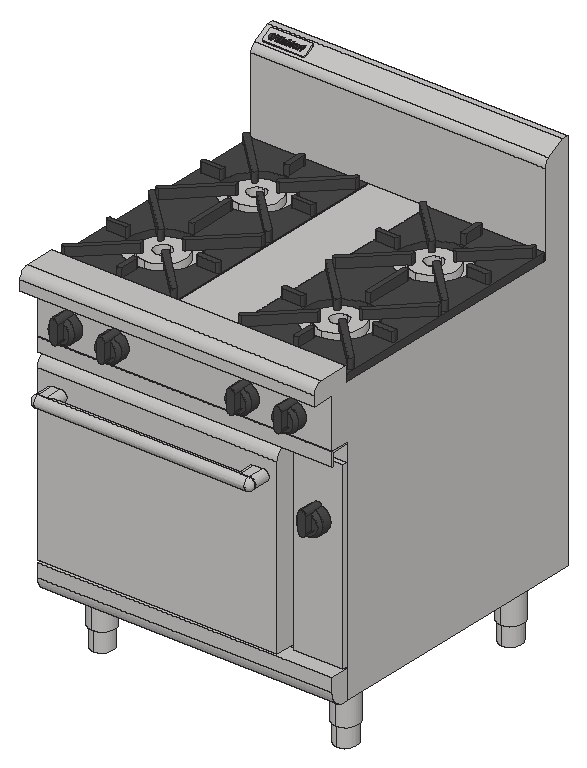
Revit family "QF_MOFFAT WALDORF_RN8510G", category Specialty Equipment, Revit 2012
Parameters
  Weight in Pounds = 401.2408
  URL Cutsheet = "www.moffat.com"
  URL = "www.moffat.com"
  Type Mark [instance] = ""
  Status [instance] = ""
  Specification by User [instance] = ""
  Specification by Manufacturer = ""
  Show Logo [instance] = yes
  Show Clearance [instance] = yes
  Show Casters [instance] = no
  Serial Number = ""
  Seismic Rating = ""
  SMACNA No = ""
  Revision Code [instance] = ""
  Omniclass Number and Title = ""
  NAFEM Spec ID Number = ""
  Model = "RN8510G"
  Mechanical Remarks [instance] = ""
  Mechanical Connection Type [instance] = ""
  Masterspec = ""
  Manufacturer = "MOFFAT WALDORF"
  Legs [instance] = not(Show Casters)  # yes
  Item Number [instance] = ""
  Installed By [instance] = ""
  Identify Quantity as Lot [instance] = yes
  Gas Size = 3/4"
  Gas RI Height [instance] = 0 mm
  Gas KW [instance] = 39.4
  Gas Input [instance] = 134590.0 Btu/h
  Gas Connection Height = 0 mm
  Furnished By [instance] = ""
  Foodservice Equipment Identifier [instance] = yes
  Description = "RANGE GAS WITH STATIC OVEN"
  CSI MasterFormat = ""
  CSI Master Format = ""
Reference planes
  plane 1 "BACK": y = 0
  plane 2: z = 0
  plane 3 "LEFT": x = 0
  plane 4 "RIGHT": x = 750
  plane 5 "FRONT": y = -805
  plane 6 "TOP": z = 1130
  plane 7 "Center Y": x = 375
  plane 8 "Center X": y = -402.5
  plane 9: y = -100
  plane 10 "Base Height": z = 150
  plane 11: x = 65.8
  plane 12: x = 620
  plane 13: x = 685
  plane 14: x = 684.2
  plane 15: y = -500
  plane 16: x = 676
Forms (mm)
  Extrusion 1, solid, material "QF_Finishes_Stainless Steel"
    sketch origin (0, 0, 0) x (0, 1, 0) y (0, 0, 1)
      loop
        line (-805, 891) -> (-805, 866) -> (-749, 866) -> (-749, 740) -> (-699, 740) -> (-699, 150) -> (0, 150) -> (0, 1130) -> (-16.5, 1130) -> (-58.709, 1105.631)
        arc (-58.709, 1105.631) -> (-66.975, 1097.365) -> (-70, 1086.074) r 22.582
        line (-70, 1086.074) -> (-70, 875) -> (-705, 875) -> (-705, 915) -> (-781, 915)
        arc (-781, 915) -> (-797.971, 907.971) -> (-805, 891) r 24
      loop
        line (-701, 222.5) -> (-749, 222.5) -> (-749, 188)
        arc (-749, 188) -> (-737.87, 161.13) -> (-711, 150) r 38
        line (-711, 150) -> (-701, 150) -> (-701, 222.5)
      loop
        line (-701, 227.5) -> (-701, 692.5) -> (-722.805, 692.5)
        arc (-722.805, 692.5) -> (-741.328, 684.828) -> (-749, 666.305) r 26.195
        line (-749, 666.305) -> (-749, 227.5) -> (-701, 227.5)
      loop
        line (-749, 738) -> (-749, 703) -> (-745.98, 703) -> (-745.98, 735) -> (-701, 735) -> (-701, 738) -> (-749, 738)
    from 0 to 750
  Extrusion 2, solid, material "QF_Finishes_Stainless Steel"
    sketch origin (555.062, 3, 100) x (1, 0, 0) y (0, 1, 0)
      loop
        circle (65, -35) r 13.5
    from 555 to 640
  Revolve 3, solid, material "QF_Finishes_Stainless Steel", visible <- "Legs"
    sketch origin (65, -165, 0) x (0, 1, 0) y (0, 0, 1)
      loop
        line (33.25, 150) -> (33.25, 50) -> (37.5, 50) -> (37.5, 0) -> (65, 0) -> (65, 150) -> (33.25, 150)
      axis (65, 150) -> (65, 0)
    angle from 0 to 360
  Revolve 4, solid, material "QF_Finishes_Stainless Steel"
    sketch origin (65, -735, 0) x (0, 1, 0) y (0, 0, 1)
      loop
        line (78.25, 150) -> (78.25, 50) -> (82.5, 50) -> (82.5, 0) -> (110, 0) -> (110, 150) -> (78.25, 150)
      axis (110, 150) -> (110, 0)
    angle from 0 to 360
  Extrusion 5, solid, material "QF_Finishes_Black"
    sketch origin (0, -70, 875) x (0, -1, 0) y (1, 0, 0)
      loop
        arc (1, 4) -> (1.879, 1.879) -> (4, 1) r 3
        line (4, 1) -> (631, 1)
        arc (631, 1) -> (633.121, 1.879) -> (634, 4) r 3
        line (634, 4) -> (634, 297)
        arc (634, 297) -> (633.121, 299.121) -> (631, 300) r 3
        line (631, 300) -> (4, 300)
        arc (4, 300) -> (1.879, 299.121) -> (1, 297) r 3
        line (1, 297) -> (1, 4)
      loop
        circle (167.5, 150) r 85
      loop
        circle (467.768, 150) r 85
    from 0 to 19.5
  Extrusion 6, solid, material "QF_Finishes_Black"
    sketch origin (0, -70, 894.5) x (0, -1, 0) y (1, 0, 0)
      loop
        spline (323.602, 15.153) -> (322.681, 13.924) -> (322.131, 12.47) -> (321.99, 10.89) -> (322.267, 9.292) -> (322.943, 7.786) -> (323.973, 6.473) -> (325.286, 5.443) -> (326.792, 4.767) -> (328.39, 4.49) -> (329.97, 4.631) -> (331.424, 5.181) -> (332.653, 6.102)
        line (332.653, 6.102) -> (440.576, 114.025)
        spline (440.576, 114.025) -> (441.337, 115.095) -> (441.738, 116.399) -> (441.751, 117.851) -> (441.375, 119.35) -> (440.637, 120.795) -> (439.586, 122.086) -> (438.295, 123.137) -> (436.85, 123.875) -> (435.351, 124.251) -> (433.899, 124.238) -> (432.595, 123.837) -> (431.525, 123.076)
        line (431.525, 123.076) -> (323.602, 15.153)
      loop
        line (611.398, 15.153) -> (503.475, 123.076)
        spline (503.475, 123.076) -> (502.405, 123.837) -> (501.101, 124.238) -> (499.649, 124.251) -> (498.15, 123.875) -> (496.705, 123.137) -> (495.414, 122.086) -> (494.363, 120.795) -> (493.625, 119.35) -> (493.249, 117.851) -> (493.262, 116.399) -> (493.663, 115.095) -> (494.424, 114.025)
        line (494.424, 114.025) -> (602.347, 6.102)
        spline (602.347, 6.102) -> (603.416, 5.341) -> (604.721, 4.941) -> (606.172, 4.928) -> (607.671, 5.303) -> (609.116, 6.041) -> (610.408, 7.092) -> (611.459, 8.384) -> (612.197, 9.829) -> (612.572, 11.328) -> (612.559, 12.779) -> (612.159, 14.084) -> (611.398, 15.153)
      loop
        spline (375.602, 143.6) -> (376.896, 143.818) -> (378.102, 144.457) -> (379.138, 145.475) -> (379.932, 146.8) -> (380.432, 148.344) -> (380.602, 150) -> (380.432, 151.656) -> (379.932, 153.2) -> (379.138, 154.525) -> (378.102, 155.543) -> (376.896, 156.182) -> (375.602, 156.4)
        line (375.602, 156.4) -> (259.398, 156.4)
        spline (259.398, 156.4) -> (258.104, 156.182) -> (256.898, 155.543) -> (255.862, 154.525) -> (255.068, 153.2) -> (254.568, 151.656) -> (254.398, 150) -> (254.568, 148.344) -> (255.068, 146.8) -> (255.862, 145.475) -> (256.898, 144.457) -> (258.104, 143.818) -> (259.398, 143.6)
        line (259.398, 143.6) -> (375.602, 143.6)
      loop
        spline (23.602, 15.153) -> (22.681, 13.924) -> (22.131, 12.47) -> (21.99, 10.89) -> (22.267, 9.292) -> (22.943, 7.786) -> (23.973, 6.473) -> (25.286, 5.443) -> (26.792, 4.767) -> (28.39, 4.49) -> (29.97, 4.631) -> (31.424, 5.181) -> (32.653, 6.102)
        line (32.653, 6.102) -> (140.576, 114.025)
        spline (140.576, 114.025) -> (141.337, 115.095) -> (141.738, 116.399) -> (141.751, 117.851) -> (141.375, 119.35) -> (140.637, 120.795) -> (139.586, 122.086) -> (138.295, 123.137) -> (136.85, 123.875) -> (135.351, 124.251) -> (133.899, 124.238) -> (132.595, 123.837) -> (131.525, 123.076)
        line (131.525, 123.076) -> (23.602, 15.153)
      loop
        line (311.398, 15.153) -> (203.475, 123.076)
        spline (203.475, 123.076) -> (202.405, 123.837) -> (201.101, 124.238) -> (199.649, 124.251) -> (198.15, 123.875) -> (196.705, 123.137) -> (195.414, 122.086) -> (194.363, 120.795) -> (193.625, 119.35) -> (193.249, 117.851) -> (193.262, 116.399) -> (193.663, 115.095) -> (194.424, 114.025)
        line (194.424, 114.025) -> (302.347, 6.102)
        spline (302.347, 6.102) -> (303.416, 5.341) -> (304.721, 4.941) -> (306.172, 4.928) -> (307.671, 5.303) -> (309.116, 6.041) -> (310.408, 7.092) -> (311.459, 8.384) -> (312.197, 9.829) -> (312.572, 11.328) -> (312.559, 12.779) -> (312.159, 14.084) -> (311.398, 15.153)
      loop
        line (323.602, 284.847) -> (431.525, 176.924)
        spline (431.525, 176.924) -> (432.595, 176.163) -> (433.899, 175.762) -> (435.351, 175.749) -> (436.85, 176.125) -> (438.295, 176.863) -> (439.586, 177.914) -> (440.637, 179.205) -> (441.375, 180.65) -> (441.751, 182.149) -> (441.738, 183.601) -> (441.337, 184.905) -> (440.576, 185.975)
        line (440.576, 185.975) -> (332.653, 293.898)
        spline (332.653, 293.898) -> (331.424, 294.819) -> (329.97, 295.369) -> (328.39, 295.51) -> (326.792, 295.233) -> (325.286, 294.557) -> (323.973, 293.527) -> (322.943, 292.214) -> (322.267, 290.708) -> (321.99, 289.11) -> (322.131, 287.53) -> (322.681, 286.076) -> (323.602, 284.847)
      loop
        spline (611.398, 284.847) -> (612.159, 285.916) -> (612.559, 287.221) -> (612.572, 288.672) -> (612.197, 290.171) -> (611.459, 291.616) -> (610.408, 292.908) -> (609.116, 293.959) -> (607.671, 294.697) -> (606.172, 295.072) -> (604.721, 295.059) -> (603.416, 294.659) -> (602.347, 293.898)
        line (602.347, 293.898) -> (494.424, 185.975)
        spline (494.424, 185.975) -> (493.663, 184.905) -> (493.262, 183.601) -> (493.249, 182.149) -> (493.625, 180.65) -> (494.363, 179.205) -> (495.414, 177.914) -> (496.705, 176.863) -> (498.15, 176.125) -> (499.649, 175.749) -> (501.101, 175.762) -> (502.405, 176.163) -> (503.475, 176.924)
        line (503.475, 176.924) -> (611.398, 284.847)
      loop
        line (23.602, 284.847) -> (131.525, 176.924)
        spline (131.525, 176.924) -> (132.595, 176.163) -> (133.899, 175.762) -> (135.351, 175.749) -> (136.85, 176.125) -> (138.295, 176.863) -> (139.586, 177.914) -> (140.637, 179.205) -> (141.375, 180.65) -> (141.751, 182.149) -> (141.738, 183.601) -> (141.337, 184.905) -> (140.576, 185.975)
        line (140.576, 185.975) -> (32.653, 293.898)
        spline (32.653, 293.898) -> (31.424, 294.819) -> (29.97, 295.369) -> (28.39, 295.51) -> (26.792, 295.233) -> (25.286, 294.557) -> (23.973, 293.527) -> (22.943, 292.214) -> (22.267, 290.708) -> (21.99, 289.11) -> (22.131, 287.53) -> (22.681, 286.076) -> (23.602, 284.847)
      loop
        spline (311.398, 284.847) -> (312.159, 285.916) -> (312.559, 287.221) -> (312.572, 288.672) -> (312.197, 290.171) -> (311.459, 291.616) -> (310.408, 292.908) -> (309.116, 293.959) -> (307.671, 294.697) -> (306.172, 295.072) -> (304.721, 295.059) -> (303.416, 294.659) -> (302.347, 293.898)
        line (302.347, 293.898) -> (194.424, 185.975)
        spline (194.424, 185.975) -> (193.663, 184.905) -> (193.262, 183.601) -> (193.249, 182.149) -> (193.625, 180.65) -> (194.363, 179.205) -> (195.414, 177.914) -> (196.705, 176.863) -> (198.15, 176.125) -> (199.649, 175.749) -> (201.101, 175.762) -> (202.405, 176.163) -> (203.475, 176.924)
        line (203.475, 176.924) -> (311.398, 284.847)
      loop
        spline (72.164, 143.6) -> (73.458, 143.818) -> (74.664, 144.457) -> (75.699, 145.475) -> (76.494, 146.8) -> (76.993, 148.344) -> (77.164, 150) -> (76.993, 151.656) -> (76.494, 153.2) -> (75.699, 154.525) -> (74.664, 155.543) -> (73.458, 156.182) -> (72.164, 156.4)
        line (72.164, 156.4) -> (25.96, 156.4)
        spline (25.96, 156.4) -> (24.666, 156.182) -> (23.46, 155.543) -> (22.424, 154.525) -> (21.63, 153.2) -> (21.13, 151.656) -> (20.96, 150) -> (21.13, 148.344) -> (21.63, 146.8) -> (22.424, 145.475) -> (23.46, 144.457) -> (24.666, 143.818) -> (25.96, 143.6)
        line (25.96, 143.6) -> (72.164, 143.6)
      loop
        spline (605.715, 143.6) -> (607.009, 143.818) -> (608.215, 144.457) -> (609.25, 145.475) -> (610.045, 146.8) -> (610.544, 148.344) -> (610.715, 150) -> (610.544, 151.656) -> (610.045, 153.2) -> (609.25, 154.525) -> (608.215, 155.543) -> (607.009, 156.182) -> (605.715, 156.4)
        line (605.715, 156.4) -> (559.51, 156.4)
        spline (559.51, 156.4) -> (558.216, 156.182) -> (557.01, 155.543) -> (555.975, 154.525) -> (555.18, 153.2) -> (554.681, 151.656) -> (554.51, 150) -> (554.681, 148.344) -> (555.18, 146.8) -> (555.975, 145.475) -> (557.01, 144.457) -> (558.216, 143.818) -> (559.51, 143.6)
        line (559.51, 143.6) -> (605.715, 143.6)
      loop
        spline (173.766, 59.26) -> (173.548, 60.554) -> (172.909, 61.76) -> (171.892, 62.796) -> (170.566, 63.59) -> (169.022, 64.09) -> (167.366, 64.26) -> (165.71, 64.09) -> (164.166, 63.59) -> (162.841, 62.796) -> (161.823, 61.76) -> (161.184, 60.554) -> (160.966, 59.26)
        line (160.966, 59.26) -> (160.966, 13.056)
        spline (160.966, 13.056) -> (161.184, 11.762) -> (161.823, 10.556) -> (162.841, 9.52) -> (164.166, 8.726) -> (165.71, 8.226) -> (167.366, 8.056) -> (169.022, 8.226) -> (170.566, 8.726) -> (171.892, 9.52) -> (172.909, 10.556) -> (173.548, 11.762) -> (173.766, 13.056)
        line (173.766, 13.056) -> (173.766, 59.26)
      loop
        spline (474.034, 59.26) -> (473.816, 60.554) -> (473.177, 61.76) -> (472.159, 62.796) -> (470.834, 63.59) -> (469.29, 64.09) -> (467.634, 64.26) -> (465.978, 64.09) -> (464.434, 63.59) -> (463.108, 62.796) -> (462.091, 61.76) -> (461.452, 60.554) -> (461.234, 59.26)
        line (461.234, 59.26) -> (461.234, 13.056)
        spline (461.234, 13.056) -> (461.452, 11.762) -> (462.091, 10.556) -> (463.108, 9.52) -> (464.434, 8.726) -> (465.978, 8.226) -> (467.634, 8.056) -> (469.29, 8.226) -> (470.834, 8.726) -> (472.159, 9.52) -> (473.177, 10.556) -> (473.816, 11.762) -> (474.034, 13.056)
        line (474.034, 13.056) -> (474.034, 59.26)
      loop
        spline (173.766, 290.74) -> (173.548, 292.034) -> (172.909, 293.24) -> (171.892, 294.276) -> (170.566, 295.07) -> (169.022, 295.57) -> (167.366, 295.74) -> (165.71, 295.57) -> (164.166, 295.07) -> (162.841, 294.276) -> (161.823, 293.24) -> (161.184, 292.034) -> (160.966, 290.74)
        line (160.966, 290.74) -> (160.966, 244.536)
        spline (160.966, 244.536) -> (161.184, 243.242) -> (161.823, 242.036) -> (162.841, 241) -> (164.166, 240.206) -> (165.71, 239.706) -> (167.366, 239.536) -> (169.022, 239.706) -> (170.566, 240.206) -> (171.892, 241) -> (172.909, 242.036) -> (173.548, 243.242) -> (173.766, 244.536)
        line (173.766, 244.536) -> (173.766, 290.74)
      loop
        spline (474.034, 290.74) -> (473.816, 292.034) -> (473.177, 293.24) -> (472.159, 294.276) -> (470.834, 295.07) -> (469.29, 295.57) -> (467.634, 295.74) -> (465.978, 295.57) -> (464.434, 295.07) -> (463.108, 294.276) -> (462.091, 293.24) -> (461.452, 292.034) -> (461.234, 290.74)
        line (461.234, 290.74) -> (461.234, 244.536)
        spline (461.234, 244.536) -> (461.452, 243.242) -> (462.091, 242.036) -> (463.108, 241) -> (464.434, 240.206) -> (465.978, 239.706) -> (467.634, 239.536) -> (469.29, 239.706) -> (470.834, 240.206) -> (472.159, 241) -> (473.177, 242.036) -> (473.816, 243.242) -> (474.034, 244.536)
        line (474.034, 244.536) -> (474.034, 290.74)
      loop
        line (323.602, 734.847) -> (431.525, 626.924)
        spline (431.525, 626.924) -> (432.595, 626.163) -> (433.899, 625.762) -> (435.351, 625.749) -> (436.85, 626.125) -> (438.295, 626.863) -> (439.586, 627.914) -> (440.637, 629.205) -> (441.375, 630.65) -> (441.751, 632.149) -> (441.738, 633.601) -> (441.337, 634.905) -> (440.576, 635.975)
        line (440.576, 635.975) -> (332.653, 743.898)
        spline (332.653, 743.898) -> (331.424, 744.819) -> (329.97, 745.369) -> (328.39, 745.51) -> (326.792, 745.233) -> (325.286, 744.557) -> (323.973, 743.527) -> (322.943, 742.214) -> (322.267, 740.708) -> (321.99, 739.11) -> (322.131, 737.53) -> (322.681, 736.076) -> (323.602, 734.847)
      loop
        spline (611.398, 734.847) -> (612.159, 735.916) -> (612.559, 737.221) -> (612.572, 738.672) -> (612.197, 740.171) -> (611.459, 741.616) -> (610.408, 742.908) -> (609.116, 743.959) -> (607.671, 744.697) -> (606.172, 745.072) -> (604.721, 745.059) -> (603.416, 744.659) -> (602.347, 743.898)
        line (602.347, 743.898) -> (494.424, 635.975)
        spline (494.424, 635.975) -> (493.663, 634.905) -> (493.262, 633.601) -> (493.249, 632.149) -> (493.625, 630.65) -> (494.363, 629.205) -> (495.414, 627.914) -> (496.705, 626.863) -> (498.15, 626.125) -> (499.649, 625.749) -> (501.101, 625.762) -> (502.405, 626.163) -> (503.475, 626.924)
        line (503.475, 626.924) -> (611.398, 734.847)
      loop
        line (375.602, 606.4) -> (259.398, 606.4)
        spline (259.398, 606.4) -> (258.104, 606.182) -> (256.898, 605.543) -> (255.862, 604.525) -> (255.068, 603.2) -> (254.568, 601.656) -> (254.398, 600) -> (254.568, 598.344) -> (255.068, 596.8) -> (255.862, 595.475) -> (256.898, 594.457) -> (258.104, 593.818) -> (259.398, 593.6)
        line (259.398, 593.6) -> (375.602, 593.6)
        spline (375.602, 593.6) -> (376.896, 593.818) -> (378.102, 594.457) -> (379.138, 595.475) -> (379.932, 596.8) -> (380.432, 598.344) -> (380.602, 600) -> (380.432, 601.656) -> (379.932, 603.2) -> (379.138, 604.525) -> (378.102, 605.543) -> (376.896, 606.182) -> (375.602, 606.4)
      loop
        line (23.602, 734.847) -> (131.525, 626.924)
        spline (131.525, 626.924) -> (132.595, 626.163) -> (133.899, 625.762) -> (135.351, 625.749) -> (136.85, 626.125) -> (138.295, 626.863) -> (139.586, 627.914) -> (140.637, 629.205) -> (141.375, 630.65) -> (141.751, 632.149) -> (141.738, 633.601) -> (141.337, 634.905) -> (140.576, 635.975)
        line (140.576, 635.975) -> (32.653, 743.898)
        spline (32.653, 743.898) -> (31.424, 744.819) -> (29.97, 745.369) -> (28.39, 745.51) -> (26.792, 745.233) -> (25.286, 744.557) -> (23.973, 743.527) -> (22.943, 742.214) -> (22.267, 740.708) -> (21.99, 739.11) -> (22.131, 737.53) -> (22.681, 736.076) -> (23.602, 734.847)
      loop
        spline (311.398, 734.847) -> (312.159, 735.916) -> (312.559, 737.221) -> (312.572, 738.672) -> (312.197, 740.171) -> (311.459, 741.616) -> (310.408, 742.908) -> (309.116, 743.959) -> (307.671, 744.697) -> (306.172, 745.072) -> (304.721, 745.059) -> (303.416, 744.659) -> (302.347, 743.898)
        line (302.347, 743.898) -> (194.424, 635.975)
        spline (194.424, 635.975) -> (193.663, 634.905) -> (193.262, 633.601) -> (193.249, 632.149) -> (193.625, 630.65) -> (194.363, 629.205) -> (195.414, 627.914) -> (196.705, 626.863) -> (198.15, 626.125) -> (199.649, 625.749) -> (201.101, 625.762) -> (202.405, 626.163) -> (203.475, 626.924)
        line (203.475, 626.924) -> (311.398, 734.847)
      loop
        spline (323.602, 465.153) -> (322.681, 463.924) -> (322.131, 462.47) -> (321.99, 460.89) -> (322.267, 459.292) -> (322.943, 457.786) -> (323.973, 456.473) -> (325.286, 455.443) -> (326.792, 454.767) -> (328.39, 454.49) -> (329.97, 454.631) -> (331.424, 455.181) -> (332.653, 456.102)
        line (332.653, 456.102) -> (440.576, 564.025)
        spline (440.576, 564.025) -> (441.337, 565.095) -> (441.738, 566.399) -> (441.751, 567.851) -> (441.375, 569.35) -> (440.637, 570.795) -> (439.586, 572.086) -> (438.295, 573.137) -> (436.85, 573.875) -> (435.351, 574.251) -> (433.899, 574.238) -> (432.595, 573.837) -> (431.525, 573.076)
        line (431.525, 573.076) -> (323.602, 465.153)
      loop
        line (611.398, 465.153) -> (503.475, 573.076)
        spline (503.475, 573.076) -> (502.405, 573.837) -> (501.101, 574.238) -> (499.649, 574.251) -> (498.15, 573.875) -> (496.705, 573.137) -> (495.414, 572.086) -> (494.363, 570.795) -> (493.625, 569.35) -> (493.249, 567.851) -> (493.262, 566.399) -> (493.663, 565.095) -> (494.424, 564.025)
        line (494.424, 564.025) -> (602.347, 456.102)
        spline (602.347, 456.102) -> (603.416, 455.341) -> (604.721, 454.941) -> (606.172, 454.928) -> (607.671, 455.303) -> (609.116, 456.041) -> (610.408, 457.092) -> (611.459, 458.384) -> (612.197, 459.829) -> (612.572, 461.328) -> (612.559, 462.779) -> (612.159, 464.084) -> (611.398, 465.153)
      loop
        spline (23.602, 465.153) -> (22.681, 463.924) -> (22.131, 462.47) -> (21.99, 460.89) -> (22.267, 459.292) -> (22.943, 457.786) -> (23.973, 456.473) -> (25.286, 455.443) -> (26.792, 454.767) -> (28.39, 454.49) -> (29.97, 454.631) -> (31.424, 455.181) -> (32.653, 456.102)
        line (32.653, 456.102) -> (140.576, 564.025)
        spline (140.576, 564.025) -> (141.337, 565.095) -> (141.738, 566.399) -> (141.751, 567.851) -> (141.375, 569.35) -> (140.637, 570.795) -> (139.586, 572.086) -> (138.295, 573.137) -> (136.85, 573.875) -> (135.351, 574.251) -> (133.899, 574.238) -> (132.595, 573.837) -> (131.525, 573.076)
        line (131.525, 573.076) -> (23.602, 465.153)
      loop
        line (311.398, 465.153) -> (203.475, 573.076)
        spline (203.475, 573.076) -> (202.405, 573.837) -> (201.101, 574.238) -> (199.649, 574.251) -> (198.15, 573.875) -> (196.705, 573.137) -> (195.414, 572.086) -> (194.363, 570.795) -> (193.625, 569.35) -> (193.249, 567.851) -> (193.262, 566.399) -> (193.663, 565.095) -> (194.424, 564.025)
        line (194.424, 564.025) -> (302.347, 456.102)
        spline (302.347, 456.102) -> (303.416, 455.341) -> (304.721, 454.941) -> (306.172, 454.928) -> (307.671, 455.303) -> (309.116, 456.041) -> (310.408, 457.092) -> (311.459, 458.384) -> (312.197, 459.829) -> (312.572, 461.328) -> (312.559, 462.779) -> (312.159, 464.084) -> (311.398, 465.153)
      loop
        line (72.164, 606.4) -> (25.96, 606.4)
        spline (25.96, 606.4) -> (24.666, 606.182) -> (23.46, 605.543) -> (22.424, 604.525) -> (21.63, 603.2) -> (21.13, 601.656) -> (20.96, 600) -> (21.13, 598.344) -> (21.63, 596.8) -> (22.424, 595.475) -> (23.46, 594.457) -> (24.666, 593.818) -> (25.96, 593.6)
        line (25.96, 593.6) -> (72.164, 593.6)
        spline (72.164, 593.6) -> (73.458, 593.818) -> (74.664, 594.457) -> (75.699, 595.475) -> (76.494, 596.8) -> (76.993, 598.344) -> (77.164, 600) -> (76.993, 601.656) -> (76.494, 603.2) -> (75.699, 604.525) -> (74.664, 605.543) -> (73.458, 606.182) -> (72.164, 606.4)
      loop
        line (605.715, 606.4) -> (559.51, 606.4)
        spline (559.51, 606.4) -> (558.216, 606.182) -> (557.01, 605.543) -> (555.975, 604.525) -> (555.18, 603.2) -> (554.681, 601.656) -> (554.51, 600) -> (554.681, 598.344) -> (555.18, 596.8) -> (555.975, 595.475) -> (557.01, 594.457) -> (558.216, 593.818) -> (559.51, 593.6)
        line (559.51, 593.6) -> (605.715, 593.6)
        spline (605.715, 593.6) -> (607.009, 593.818) -> (608.215, 594.457) -> (609.25, 595.475) -> (610.045, 596.8) -> (610.544, 598.344) -> (610.715, 600) -> (610.544, 601.656) -> (610.045, 603.2) -> (609.25, 604.525) -> (608.215, 605.543) -> (607.009, 606.182) -> (605.715, 606.4)
      loop
        line (173.766, 690.74) -> (173.766, 736.944)
        spline (173.766, 736.944) -> (173.548, 738.238) -> (172.909, 739.444) -> (171.892, 740.48) -> (170.566, 741.274) -> (169.022, 741.774) -> (167.366, 741.944) -> (165.71, 741.774) -> (164.166, 741.274) -> (162.841, 740.48) -> (161.823, 739.444) -> (161.184, 738.238) -> (160.966, 736.944)
        line (160.966, 736.944) -> (160.966, 690.74)
        spline (160.966, 690.74) -> (161.184, 689.446) -> (161.823, 688.24) -> (162.841, 687.204) -> (164.166, 686.41) -> (165.71, 685.91) -> (167.366, 685.74) -> (169.022, 685.91) -> (170.566, 686.41) -> (171.892, 687.204) -> (172.909, 688.24) -> (173.548, 689.446) -> (173.766, 690.74)
      loop
        line (474.034, 690.74) -> (474.034, 736.944)
        spline (474.034, 736.944) -> (473.816, 738.238) -> (473.177, 739.444) -> (472.159, 740.48) -> (470.834, 741.274) -> (469.29, 741.774) -> (467.634, 741.944) -> (465.978, 741.774) -> (464.434, 741.274) -> (463.108, 740.48) -> (462.091, 739.444) -> (461.452, 738.238) -> (461.234, 736.944)
        line (461.234, 736.944) -> (461.234, 690.74)
        spline (461.234, 690.74) -> (461.452, 689.446) -> (462.091, 688.24) -> (463.108, 687.204) -> (464.434, 686.41) -> (465.978, 685.91) -> (467.634, 685.74) -> (469.29, 685.91) -> (470.834, 686.41) -> (472.159, 687.204) -> (473.177, 688.24) -> (473.816, 689.446) -> (474.034, 690.74)
      loop
        line (173.766, 459.26) -> (173.766, 505.464)
        spline (173.766, 505.464) -> (173.548, 506.758) -> (172.909, 507.964) -> (171.892, 509) -> (170.566, 509.794) -> (169.022, 510.294) -> (167.366, 510.464) -> (165.71, 510.294) -> (164.166, 509.794) -> (162.841, 509) -> (161.823, 507.964) -> (161.184, 506.758) -> (160.966, 505.464)
        line (160.966, 505.464) -> (160.966, 459.26)
        spline (160.966, 459.26) -> (161.184, 457.966) -> (161.823, 456.76) -> (162.841, 455.724) -> (164.166, 454.93) -> (165.71, 454.43) -> (167.366, 454.26) -> (169.022, 454.43) -> (170.566, 454.93) -> (171.892, 455.724) -> (172.909, 456.76) -> (173.548, 457.966) -> (173.766, 459.26)
      loop
        line (474.034, 459.26) -> (474.034, 505.464)
        spline (474.034, 505.464) -> (473.816, 506.758) -> (473.177, 507.964) -> (472.159, 509) -> (470.834, 509.794) -> (469.29, 510.294) -> (467.634, 510.464) -> (465.978, 510.294) -> (464.434, 509.794) -> (463.108, 509) -> (462.091, 507.964) -> (461.452, 506.758) -> (461.234, 505.464)
        line (461.234, 505.464) -> (461.234, 459.26)
        spline (461.234, 459.26) -> (461.452, 457.966) -> (462.091, 456.76) -> (463.108, 455.724) -> (464.434, 454.93) -> (465.978, 454.43) -> (467.634, 454.26) -> (469.29, 454.43) -> (470.834, 454.93) -> (472.159, 455.724) -> (473.177, 456.76) -> (473.816, 457.966) -> (474.034, 459.26)
    from 0 to 23.5
  Revolve 7, solid, material "QF_Finishes_Stainless Steel", visible <- "Legs"
    sketch origin (685, -165, 0) x (0, 1, 0) y (0, 0, -1)
      loop
        line (33.25, -150) -> (65, -150) -> (65, 0) -> (37.5, 0) -> (37.5, -50) -> (33.25, -50) -> (33.25, -150)
      axis (65, -150) -> (65, 0)
    angle from 0 to 360
  Revolve 8, solid, material "QF_Finishes_Stainless Steel"
    sketch origin (685, -735, 0) x (0, 1, 0) y (0, 0, -1)
      loop
        line (78.25, -150) -> (110, -150) -> (110, 0) -> (82.5, 0) -> (82.5, -50) -> (78.25, -50) -> (78.25, -150)
      axis (110, -150) -> (110, 0)
    angle from 0 to 360
  Extrusion 9, solid, material "QF_Finishes_Stainless Steel"
    sketch origin (0, -70, 875) x (0, -1, 0) y (1, 0, 0)
      loop
        line (634, 300) -> (634, 450) -> (0, 450) -> (0, 300) -> (634, 300)
    from 0 to 19.5
  Extrusion 10, void
    sketch origin (0, -749, 227.5) x (0, 0, -1) y (-1, 0, 0)
      loop
        line (-465, -610) -> (-465, -624) -> (0, -624) -> (0, -610) -> (-465, -610)
    from 0 to 50
  Extrusion 11, solid, material "QF_Finishes_Black"
    sketch origin (750, -70, 875) x (0, -1, 0) y (1, 0, 0)
      loop
        line (1, -4) -> (1, -297)
        arc (1, -297) -> (1.879, -299.121) -> (4, -300) r 3
        line (4, -300) -> (631, -300)
        arc (631, -300) -> (633.121, -299.121) -> (634, -297) r 3
        line (634, -297) -> (634, -4)
        arc (634, -4) -> (633.121, -1.879) -> (631, -1) r 3
        line (631, -1) -> (4, -1)
        arc (4, -1) -> (1.879, -1.879) -> (1, -4) r 3
      loop
        circle (167.5, -150) r 85
      loop
        circle (467.768, -150) r 85
    from 0 to 19.5
  Revolve 12, solid, material "QF_Finishes_Black"
    sketch origin (207.5, 0, 599.645) x (0, -1, 0) y (0, 0, 1)
      loop
        line (782, 229.605) -> (759, 229.605) -> (759, 202.105) -> (749, 202.105) -> (749, 197.105) -> (793, 197.105) -> (793, 223.757) -> (782, 229.605)
      axis (793, 197.105) -> (749, 197.105)
    angle from 0 to 360
  Revolve 13, solid, material "QF_Finishes_Black"
    sketch origin (88.749, 0, 599.518) x (0, 1, 0) y (0, 0, -1)
      loop
        line (-782, -229.5) -> (-759, -229.5) -> (-759, -202) -> (-749, -202) -> (-749, -197) -> (-793, -197) -> (-793, -223.651) -> (-782, -229.5)
      axis (-793, -197) -> (-749, -197)
    angle from 0 to 360
  Extrusion 14, solid, material "QF_Finishes_Black"
    sketch origin (227.019, 0, 599.676) x (-1, 0, 0) y (0, 0, -1)
      loop
        arc (148.269, -184.969) -> (138.269, -174.969) -> (128.269, -184.969) r 10
        line (128.269, -184.969) -> (128.269, -223.969)
        arc (128.269, -223.969) -> (138.269, -233.969) -> (148.269, -223.969) r 10
        line (148.269, -223.969) -> (148.269, -184.969)
    from 759 to 808
  Extrusion 15, solid, material "QF_Finishes_Black"
    sketch origin (346.95, 0, 599.676) x (-1, 0, 0) y (0, 0, -1)
      loop
        arc (148.269, -184.969) -> (138.269, -174.969) -> (128.269, -184.969) r 10
        line (128.269, -184.969) -> (128.269, -223.969)
        arc (128.269, -223.969) -> (138.269, -233.969) -> (148.269, -223.969) r 10
        line (148.269, -223.969) -> (148.269, -184.969)
    from 759 to 808
  Revolve 16, solid, material "QF_Finishes_Black"
    sketch origin (538.75, 0, 599.645) x (0, -1, 0) y (0, 0, -1)
      loop
        line (782, -229.605) -> (793, -223.757) -> (793, -197.105) -> (749, -197.105) -> (749, -202.105) -> (759, -202.105) -> (759, -229.605) -> (782, -229.605)
      axis (793, -197.105) -> (749, -197.105)
    angle from 0 to 360
  Revolve 17, solid, material "QF_Finishes_Black"
    sketch origin (658.751, 0, 599.518) x (0, 1, 0) y (0, 0, 1)
      loop
        line (-782, 229.5) -> (-793, 223.651) -> (-793, 197) -> (-749, 197) -> (-749, 202) -> (-759, 202) -> (-759, 229.5) -> (-782, 229.5)
      axis (-793, 197) -> (-749, 197)
    angle from 0 to 360
  Extrusion 18, solid, material "QF_Finishes_Black"
    sketch origin (520.481, 0, 599.676) x (1, 0, 0) y (0, 0, 1)
      loop
        line (148.269, 184.969) -> (148.269, 223.969)
        arc (148.269, 223.969) -> (138.269, 233.969) -> (128.269, 223.969) r 10
        line (128.269, 223.969) -> (128.269, 184.969)
        arc (128.269, 184.969) -> (138.269, 174.969) -> (148.269, 184.969) r 10
    from 759 to 808
  Extrusion 19, solid, material "QF_Finishes_Black"
    sketch origin (400.481, 0, 599.676) x (1, 0, 0) y (0, 0, 1)
      loop
        line (148.269, 184.969) -> (148.269, 223.969)
        arc (148.269, 223.969) -> (138.269, 233.969) -> (128.269, 223.969) r 10
        line (128.269, 223.969) -> (128.269, 184.969)
        arc (128.269, 184.969) -> (138.269, 174.969) -> (148.269, 184.969) r 10
    from 759 to 808
  Revolve 20, solid, material "QF_Finishes_Black"
    sketch origin (686.727, 42.5, 354.062) x (0, 1, 0) y (0, 0, 1)
      loop
        line (-782, 229.5) -> (-793, 223.651) -> (-793, 197) -> (-749, 197) -> (-749, 202) -> (-759, 202) -> (-759, 229.5) -> (-782, 229.5)
      axis (-793, 197) -> (-749, 197)
    angle from 0 to 360
  Extrusion 21, solid, material "QF_Finishes_Black"
    sketch origin (548.458, 42.5, 354.22) x (1, 0, 0) y (0, 0, 1)
      loop
        line (148.269, 184.969) -> (148.269, 223.969)
        arc (148.269, 223.969) -> (138.269, 233.969) -> (128.269, 223.969) r 10
        line (128.269, 223.969) -> (128.269, 184.969)
        arc (128.269, 184.969) -> (138.269, 174.969) -> (148.269, 184.969) r 10
    from 759 to 808
  Extrusion 22, solid, material "QF_Door-Drawer Clearances", visible <- "Show Clearance", detail levels coarse
    sketch origin (0, 0, 0) x (0, -1, 0) y (0, 0, 1)
      loop
        line (749, 690.016) -> (749, 227.5) -> (1211.516, 227.5)
        arc (1211.516, 227.5) -> (1076.048, 554.548) -> (749, 690.016) r 462.516
    from 0 to -610
  Extrusion 23, void
    sketch origin (0, 0, 150) x (-1, 0, 0) y (0, -1, 0)
      loop
        line (-681, 87.26) -> (-681, -30.24) -> (-551.5, -30.24) -> (-551.5, 38.76) -> (-600, 87.26) -> (-681, 87.26)
    from 72.5 to 590
  Extrusion 24, solid, material "QF_Finishes_Stainless Steel"
    sketch origin (0, -70, 875) x (0, -1, 0) y (1, 0, 0)
      loop
        circle (467.5, 600) r 57
      loop
        circle (167.5, 600) r 57
      loop
        circle (467.5, 600) r 22
      loop
        circle (167.5, 600) r 22
      loop
        circle (467.5, 149.911) r 57
      loop
        circle (168.75, 149.911) r 57
      loop
        circle (467.5, 149.911) r 22
      loop
        circle (168.75, 149.911) r 22
    from 0 to 19.5
  Extrusion 25, void
    sketch origin (85, -749, 227.5) x (0, 0, -1) y (-1, 0, 0)
      loop
        line (-465, -539) -> (-465, -665) -> (0, -665) -> (0, -539) -> (-465, -539)
    from 0 to 35
  Extrusion 26, solid, material "QF_Finishes_Stainless Steel"
    sketch origin (0, -749, 227.5) x (0, 0, 1) y (-1, 0, 0)
      loop
        line (380.625, -38.246) -> (380.625, -58.528)
        arc (380.625, -58.528) -> (395.625, -73.528) -> (410.625, -58.528) r 15
        line (410.625, -58.528) -> (410.625, -38.246)
        arc (410.625, -38.246) -> (395.625, -23.246) -> (380.625, -38.246) r 15
      loop
        arc (380.625, -573.039) -> (395.625, -588.039) -> (410.625, -573.039) r 15
        line (410.625, -573.039) -> (410.625, -552.757)
        arc (410.625, -552.757) -> (395.625, -537.757) -> (380.625, -552.757) r 15
        line (380.625, -552.757) -> (380.625, -573.039)
    from 0 to 44
  Revolve 27, solid, material "QF_Finishes_Stainless Steel"
    sketch origin (0, -793, 0) x (1, 0, 0) y (0, 0, 1)
      loop
        arc (588.039, 623.125) -> (583.646, 633.732) -> (573.039, 638.125) r 15
        line (573.039, 638.125) -> (38.246, 638.125)
        arc (38.246, 638.125) -> (27.64, 633.732) -> (23.246, 623.125) r 15
        line (23.246, 623.125) -> (588.039, 623.125)
      axis (588.039, 623.125) -> (23.246, 623.125)
    angle from 0 to 360
Cuts and joins
  Extrusion 10, Extrusion 23, Extrusion 25 cuts Extrusion 1
Lines and regions (mm)
  Split face 1
    outline origin (22.5, -19.748, 1128.125) x (0, -0.866025, -0.5) y (1, 0, 0)
      loop
        line (1.427, 105.5) -> (35.836, 105.5) -> (35.836, 125.5) -> (1.427, 125.5) -> (1.427, 105.5)
  Split face 2
    outline origin (49.289, -19.748, 1128.125) x (0, -0.866025, -0.5) y (1, 0, 0)
      loop
        line (1.427, 105.5) -> (35.836, 105.5) -> (35.836, 125.5) -> (1.427, 125.5) -> (1.427, 105.5)
  Split face 3
    outline origin (76.967, -19.748, 1128.125) x (0, -0.866025, -0.5) y (1, 0, 0)
      loop
        line (1.427, 105.5) -> (35.836, 105.5) -> (35.836, 125.5) -> (1.427, 125.5) -> (1.427, 105.5)
  Split face 4
    outline origin (103.591, -19.748, 1128.125) x (0, -0.866025, -0.5) y (1, 0, 0)
      loop
        line (1.427, 105.5) -> (35.836, 105.5) -> (35.836, 125.5) -> (1.427, 125.5) -> (1.427, 105.5)
  Split face 5
    outline origin (130.215, -19.748, 1128.125) x (0, -0.866025, -0.5) y (1, 0, 0)
      loop
        line (1.427, 105.5) -> (35.836, 105.5) -> (35.836, 125.5) -> (1.427, 125.5) -> (1.427, 105.5)
  Split face 6
    outline origin (157.366, -19.748, 1128.125) x (0, -0.866025, -0.5) y (1, 0, 0)
      loop
        line (1.427, 105.5) -> (35.836, 105.5) -> (35.836, 125.5) -> (1.427, 125.5) -> (1.427, 105.5)
  Split face 7
    outline origin (184.781, -19.748, 1128.125) x (0, -0.866025, -0.5) y (1, 0, 0)
      loop
        line (1.427, 105.5) -> (35.836, 105.5) -> (35.836, 125.5) -> (1.427, 125.5) -> (1.427, 105.5)
  Split face 8
    outline origin (212.196, -19.748, 1128.125) x (0, -0.866025, -0.5) y (1, 0, 0)
      loop
        line (1.427, 105.5) -> (35.836, 105.5) -> (35.836, 125.5) -> (1.427, 125.5) -> (1.427, 105.5)
  Split face 9
    outline origin (239.61, -19.748, 1128.125) x (0, -0.866025, -0.5) y (1, 0, 0)
      loop
        line (1.427, 105.5) -> (35.836, 105.5) -> (35.836, 125.5) -> (1.427, 125.5) -> (1.427, 105.5)
  Split face 10
    outline origin (267.025, -19.748, 1128.125) x (0, -0.866025, -0.5) y (1, 0, 0)
      loop
        line (1.427, 105.5) -> (35.836, 105.5) -> (35.836, 125.5) -> (1.427, 125.5) -> (1.427, 105.5)
  Split face 11
    outline origin (294.44, -19.748, 1128.125) x (0, -0.866025, -0.5) y (1, 0, 0)
      loop
        line (1.427, 105.5) -> (35.836, 105.5) -> (35.836, 125.5) -> (1.427, 125.5) -> (1.427, 105.5)
  Split face 12
    outline origin (321.855, -19.748, 1128.125) x (0, -0.866025, -0.5) y (1, 0, 0)
      loop
        line (1.427, 105.5) -> (35.836, 105.5) -> (35.836, 125.5) -> (1.427, 125.5) -> (1.427, 105.5)
  Split face 13
    outline origin (349.27, -19.748, 1128.125) x (0, -0.866025, -0.5) y (1, 0, 0)
      loop
        line (1.427, 105.5) -> (35.836, 105.5) -> (35.836, 125.5) -> (1.427, 125.5) -> (1.427, 105.5)
  Split face 14
    outline origin (376.684, -19.748, 1128.125) x (0, -0.866025, -0.5) y (1, 0, 0)
      loop
        line (1.427, 105.5) -> (35.836, 105.5) -> (35.836, 125.5) -> (1.427, 125.5) -> (1.427, 105.5)
  Split face 15
    outline origin (404.099, -19.748, 1128.125) x (0, -0.866025, -0.5) y (1, 0, 0)
      loop
        line (1.427, 105.5) -> (35.836, 105.5) -> (35.836, 125.5) -> (1.427, 125.5) -> (1.427, 105.5)
  Split face 16
    outline origin (431.514, -19.748, 1128.125) x (0, -0.866025, -0.5) y (1, 0, 0)
      loop
        line (1.427, 105.5) -> (35.836, 105.5) -> (35.836, 125.5) -> (1.427, 125.5) -> (1.427, 105.5)
  Split face 17
    outline origin (458.929, -19.748, 1128.125) x (0, -0.866025, -0.5) y (1, 0, 0)
      loop
        line (1.427, 105.5) -> (35.836, 105.5) -> (35.836, 125.5) -> (1.427, 125.5) -> (1.427, 105.5)
  Split face 18
    outline origin (486.343, -19.748, 1128.125) x (0, -0.866025, -0.5) y (1, 0, 0)
      loop
        line (1.427, 105.5) -> (35.836, 105.5) -> (35.836, 125.5) -> (1.427, 125.5) -> (1.427, 105.5)
  Split face 19
    outline origin (0, -70, 894.5) x (0, -1, 0) y (1, 0, 0)
      loop
        circle (45.037, 327.576) r 8
  Split face 20
    outline origin (47.424, -70, 894.5) x (0, -1, 0) y (1, 0, 0)
      loop
        circle (45.037, 327.576) r 8
  Split face 21
    outline origin (750, -70, 894.5) x (0, -1, 0) y (1, 0, 0)
      loop
        circle (45.037, -327.576) r 8
  Split face 22
    outline origin (0, -104, 894.5) x (0, -1, 0) y (1, 0, 0)
      loop
        circle (45.037, 327.576) r 8
  Split face 23
    outline origin (47.424, -104, 894.5) x (0, -1, 0) y (1, 0, 0)
      loop
        circle (45.037, 327.576) r 8
  Split face 24
    outline origin (750, -104, 894.5) x (0, -1, 0) y (1, 0, 0)
      loop
        circle (45.037, -327.576) r 8
  Split face 25
    outline origin (0, -138, 894.5) x (0, -1, 0) y (1, 0, 0)
      loop
        circle (45.037, 327.576) r 8
  Split face 26
    outline origin (47.424, -138, 894.5) x (0, -1, 0) y (1, 0, 0)
      loop
        circle (45.037, 327.576) r 8
  Split face 27
    outline origin (750, -138, 894.5) x (0, -1, 0) y (1, 0, 0)
      loop
        circle (45.037, -327.576) r 8
  Split face 28
    outline origin (0, -172, 894.5) x (0, -1, 0) y (1, 0, 0)
      loop
        circle (45.037, 327.576) r 8
  Split face 29
    outline origin (47.424, -172, 894.5) x (0, -1, 0) y (1, 0, 0)
      loop
        circle (45.037, 327.576) r 8
  Split face 30
    outline origin (750, -172, 894.5) x (0, -1, 0) y (1, 0, 0)
      loop
        circle (45.037, -327.576) r 8
  Split face 31
    outline origin (0, -206, 894.5) x (0, -1, 0) y (1, 0, 0)
      loop
        circle (45.037, 327.576) r 8
  Split face 32
    outline origin (47.424, -206, 894.5) x (0, -1, 0) y (1, 0, 0)
      loop
        circle (45.037, 327.576) r 8
  Split face 33
    outline origin (750, -206, 894.5) x (0, -1, 0) y (1, 0, 0)
      loop
        circle (45.037, -327.576) r 8
  Split face 34
    outline origin (0, -240, 894.5) x (0, -1, 0) y (1, 0, 0)
      loop
        circle (45.037, 327.576) r 8
  Split face 35
    outline origin (47.424, -240, 894.5) x (0, -1, 0) y (1, 0, 0)
      loop
        circle (45.037, 327.576) r 8
  Split face 36
    outline origin (750, -240, 894.5) x (0, -1, 0) y (1, 0, 0)
      loop
        circle (45.037, -327.576) r 8
  Split face 37
    outline origin (0, -274, 894.5) x (0, -1, 0) y (1, 0, 0)
      loop
        circle (45.037, 327.576) r 8
  Split face 38
    outline origin (47.424, -274, 894.5) x (0, -1, 0) y (1, 0, 0)
      loop
        circle (45.037, 327.576) r 8
  Split face 39
    outline origin (750, -274, 894.5) x (0, -1, 0) y (1, 0, 0)
      loop
        circle (45.037, -327.576) r 8
  Split face 40
    outline origin (0, -308, 894.5) x (0, -1, 0) y (1, 0, 0)
      loop
        circle (45.037, 327.576) r 8
  Split face 41
    outline origin (47.424, -308, 894.5) x (0, -1, 0) y (1, 0, 0)
      loop
        circle (45.037, 327.576) r 8
  Split face 42
    outline origin (750, -308, 894.5) x (0, -1, 0) y (1, 0, 0)
      loop
        circle (45.037, -327.576) r 8
  Split face 43
    outline origin (0, -342, 894.5) x (0, -1, 0) y (1, 0, 0)
      loop
        circle (45.037, 327.576) r 8
  Split face 44
    outline origin (47.424, -342, 894.5) x (0, -1, 0) y (1, 0, 0)
      loop
        circle (45.037, 327.576) r 8
  Split face 45
    outline origin (750, -342, 894.5) x (0, -1, 0) y (1, 0, 0)
      loop
        circle (45.037, -327.576) r 8
  Split face 46
    outline origin (0, -376, 894.5) x (0, -1, 0) y (1, 0, 0)
      loop
        circle (45.037, 327.576) r 8
  Split face 47
    outline origin (47.424, -376, 894.5) x (0, -1, 0) y (1, 0, 0)
      loop
        circle (45.037, 327.576) r 8
  Split face 48
    outline origin (750, -376, 894.5) x (0, -1, 0) y (1, 0, 0)
      loop
        circle (45.037, -327.576) r 8
  Split face 49
    outline origin (0, -410, 894.5) x (0, -1, 0) y (1, 0, 0)
      loop
        circle (45.037, 327.576) r 8
  Split face 50
    outline origin (47.424, -410, 894.5) x (0, -1, 0) y (1, 0, 0)
      loop
        circle (45.037, 327.576) r 8
  Split face 51
    outline origin (750, -410, 894.5) x (0, -1, 0) y (1, 0, 0)
      loop
        circle (45.037, -327.576) r 8
  Split face 52
    outline origin (0, -444, 894.5) x (0, -1, 0) y (1, 0, 0)
      loop
        circle (45.037, 327.576) r 8
  Split face 53
    outline origin (47.424, -444, 894.5) x (0, -1, 0) y (1, 0, 0)
      loop
        circle (45.037, 327.576) r 8
  Split face 54
    outline origin (750, -444, 894.5) x (0, -1, 0) y (1, 0, 0)
      loop
        circle (45.037, -327.576) r 8
  Split face 55
    outline origin (0, -478, 894.5) x (0, -1, 0) y (1, 0, 0)
      loop
        circle (45.037, 327.576) r 8
  Split face 56
    outline origin (47.424, -478, 894.5) x (0, -1, 0) y (1, 0, 0)
      loop
        circle (45.037, 327.576) r 8
  Split face 57
    outline origin (750, -478, 894.5) x (0, -1, 0) y (1, 0, 0)
      loop
        circle (45.037, -327.576) r 8
  Split face 58
    outline origin (0, -512, 894.5) x (0, -1, 0) y (1, 0, 0)
      loop
        circle (45.037, 327.576) r 8
  Split face 59
    outline origin (47.424, -512, 894.5) x (0, -1, 0) y (1, 0, 0)
      loop
        circle (45.037, 327.576) r 8
  Split face 60
    outline origin (750, -512, 894.5) x (0, -1, 0) y (1, 0, 0)
      loop
        circle (45.037, -327.576) r 8
  Split face 61
    outline origin (0, -546, 894.5) x (0, -1, 0) y (1, 0, 0)
      loop
        circle (45.037, 327.576) r 8
  Split face 62
    outline origin (47.424, -546, 894.5) x (0, -1, 0) y (1, 0, 0)
      loop
        circle (45.037, 327.576) r 8
  Split face 63
    outline origin (750, -546, 894.5) x (0, -1, 0) y (1, 0, 0)
      loop
        circle (45.037, -327.576) r 8
  Split face 64
    outline origin (0, -580, 894.5) x (0, -1, 0) y (1, 0, 0)
      loop
        circle (45.037, 327.576) r 8
  Split face 65
    outline origin (47.424, -580, 894.5) x (0, -1, 0) y (1, 0, 0)
      loop
        circle (45.037, 327.576) r 8
  Split face 66
    outline origin (750, -580, 894.5) x (0, -1, 0) y (1, 0, 0)
      loop
        circle (45.037, -327.576) r 8
  Split face 67
    outline origin (0, -614, 894.5) x (0, -1, 0) y (1, 0, 0)
      loop
        circle (45.037, 327.576) r 8
  Split face 68
    outline origin (47.424, -614, 894.5) x (0, -1, 0) y (1, 0, 0)
      loop
        circle (45.037, 327.576) r 8
  Split face 69
    outline origin (750, -614, 894.5) x (0, -1, 0) y (1, 0, 0)
      loop
        circle (45.037, -327.576) r 8
  symbolic lines
    curve 1: line (0, 0, 0) -> (0, -805, 0)
    curve 2: line (750, 0, 0) -> (0, 0, 0)
    curve 3: line (750, -805, 0) -> (750, 0, 0)
    curve 4: line (0, -805, 0) -> (750, -805, 0)
    curve 9: line (750, -705, 0) -> (0, -705, 0)
    curve 10: line (128, -50.782, 0) -> (128, -20.984, 0)
    curve 11: line (128, -20.984, 0) -> (148, -20.984, 0)
    curve 12: line (148, -20.984, 0) -> (148, -50.782, 0)
    curve 13: line (148, -50.782, 0) -> (128, -50.782, 0)
    curve 14: line (154.789, -50.782, 0) -> (154.789, -20.984, 0)
    curve 15: line (154.789, -20.984, 0) -> (174.789, -20.984, 0)
    curve 16: line (174.789, -20.984, 0) -> (174.789, -50.782, 0)
    curve 17: line (174.789, -50.782, 0) -> (154.789, -50.782, 0)
    curve 18: line (182.467, -20.984, 0) -> (202.467, -20.984, 0)
    curve 19: line (202.467, -20.984, 0) -> (202.467, -50.782, 0)
    curve 20: line (202.467, -50.782, 0) -> (182.467, -50.782, 0)
    curve 21: line (182.467, -50.782, 0) -> (182.467, -20.984, 0)
    curve 22: line (229.091, -20.984, 0) -> (209.091, -20.984, 0)
    curve 23: line (209.091, -20.984, 0) -> (209.091, -50.782, 0)
    curve 24: line (209.091, -50.782, 0) -> (229.091, -50.782, 0)
    curve 25: line (229.091, -50.782, 0) -> (229.091, -20.984, 0)
    curve 26: line (255.715, -20.984, 0) -> (235.715, -20.984, 0)
    curve 27: line (235.715, -20.984, 0) -> (235.715, -50.782, 0)
    curve 28: line (235.715, -50.782, 0) -> (255.715, -50.782, 0)
    curve 29: line (255.715, -50.782, 0) -> (255.715, -20.984, 0)
    curve 30: arc (150, -180.5, 0) -> (93, -237.5, 0) -> (150, -294.5, 0) r 57
    curve 31: arc (150, -294.5, 0) -> (207, -237.5, 0) -> (150, -180.5, 0) r 57
    curve 32: arc (150, -480.5, 0) -> (93, -537.5, 0) -> (150, -594.5, 0) r 57
    curve 33: arc (150, -594.5, 0) -> (207, -537.5, 0) -> (150, -480.5, 0) r 57
    curve 34: line (5.842, -93.966, 0) -> (121.036, -209.16, 0)
    curve 35: line (149.992, -91.33, 0) -> (149.992, -152.5, 0)
    curve 36: line (4.26, -237.366, 0) -> (64.26, -237.366, 0)
    curve 37: line (121.121, -265.113, 0) -> (6.585, -379.648, 0)
    curve 38: line (177.796, -265.64, 0) -> (287.397, -375.241, 0)
    curve 39: line (176.788, -209.684, 0) -> (286.472, -100, 0)
    curve 40: line (5.842, -681.034, 0) -> (121.036, -565.84, 0)
    curve 41: line (149.988, -683.67, 0) -> (149.988, -622.768, 0)
    curve 42: line (4.26, -537.634, 0) -> (64.26, -537.634, 0)
    curve 43: line (121.121, -509.887, 0) -> (6.585, -395.352, 0)
    curve 44: line (177.796, -509.36, 0) -> (284.656, -402.5, 0)
    curve 45: line (149.988, -452.768, 0) -> (149.988, -325.103, 0)
    curve 46: line (176.788, -565.316, 0) -> (286.389, -674.918, 0)
    curve 47: line (0, -70, 0) -> (750, -70, 0)
    curve 48: line (0, -387.5, 0) -> (300, -387.5, 0)
    curve 49: line (282.652, -20.984, 0) -> (262.652, -20.984, 0)
    curve 50: line (262.652, -20.984, 0) -> (262.652, -50.782, 0)
    curve 51: line (262.652, -50.782, 0) -> (282.652, -50.782, 0)
    curve 52: line (282.652, -50.782, 0) -> (282.652, -20.984, 0)
    curve 53: line (310.066, -20.984, 0) -> (290.066, -20.984, 0)
    curve 54: line (290.066, -20.984, 0) -> (290.066, -50.782, 0)
    curve 55: line (290.066, -50.782, 0) -> (310.066, -50.782, 0)
    curve 56: line (310.066, -50.782, 0) -> (310.066, -20.984, 0)
    curve 57: line (337.481, -20.984, 0) -> (317.481, -20.984, 0)
    curve 58: line (317.481, -20.984, 0) -> (317.481, -50.782, 0)
    curve 59: line (317.481, -50.782, 0) -> (337.481, -50.782, 0)
    curve 60: line (337.481, -50.782, 0) -> (337.481, -20.984, 0)
    curve 61: line (364.896, -20.984, 0) -> (344.896, -20.984, 0)
    curve 62: line (344.896, -20.984, 0) -> (344.896, -50.782, 0)
    curve 63: line (344.896, -50.782, 0) -> (364.896, -50.782, 0)
    curve 64: line (364.896, -50.782, 0) -> (364.896, -20.984, 0)
    curve 65: line (392.311, -20.984, 0) -> (372.311, -20.984, 0)
    curve 66: line (372.311, -20.984, 0) -> (372.311, -50.782, 0)
    curve 67: line (372.311, -50.782, 0) -> (392.311, -50.782, 0)
    curve 68: line (392.311, -50.782, 0) -> (392.311, -20.984, 0)
    curve 69: line (419.725, -20.984, 0) -> (399.725, -20.984, 0)
    curve 70: line (399.725, -20.984, 0) -> (399.725, -50.782, 0)
    curve 71: line (399.725, -50.782, 0) -> (419.725, -50.782, 0)
    curve 72: line (419.725, -50.782, 0) -> (419.725, -20.984, 0)
    curve 73: line (447.14, -20.984, 0) -> (427.14, -20.984, 0)
    curve 74: line (427.14, -20.984, 0) -> (427.14, -50.782, 0)
    curve 75: line (427.14, -50.782, 0) -> (447.14, -50.782, 0)
    curve 76: line (447.14, -50.782, 0) -> (447.14, -20.984, 0)
    curve 77: arc (327.576, -123.037, 0) -> (335.576, -115.037, 0) -> (327.576, -107.037, 0) r 8
    curve 78: arc (327.576, -107.037, 0) -> (319.576, -115.037, 0) -> (327.576, -123.037, 0) r 8
    curve 79: arc (375, -123.037, 0) -> (383, -115.037, 0) -> (375, -107.037, 0) r 8
    curve 80: arc (375, -107.037, 0) -> (367, -115.037, 0) -> (375, -123.037, 0) r 8
    curve 81: arc (422.424, -123.037, 0) -> (430.424, -115.037, 0) -> (422.424, -107.037, 0) r 8
    curve 82: arc (422.424, -107.037, 0) -> (414.424, -115.037, 0) -> (422.424, -123.037, 0) r 8
    curve 83: arc (327.576, -157.037, 0) -> (335.576, -149.037, 0) -> (327.576, -141.037, 0) r 8
    curve 84: arc (327.576, -141.037, 0) -> (319.576, -149.037, 0) -> (327.576, -157.037, 0) r 8
    curve 85: arc (375, -157.037, 0) -> (383, -149.037, 0) -> (375, -141.037, 0) r 8
    curve 86: arc (375, -141.037, 0) -> (367, -149.037, 0) -> (375, -157.037, 0) r 8
    curve 87: arc (422.424, -157.037, 0) -> (430.424, -149.037, 0) -> (422.424, -141.037, 0) r 8
    curve 88: arc (422.424, -141.037, 0) -> (414.424, -149.037, 0) -> (422.424, -157.037, 0) r 8
    curve 89: arc (327.576, -191.037, 0) -> (335.576, -183.037, 0) -> (327.576, -175.037, 0) r 8
    curve 90: arc (327.576, -175.037, 0) -> (319.576, -183.037, 0) -> (327.576, -191.037, 0) r 8
    curve 91: arc (375, -191.037, 0) -> (383, -183.037, 0) -> (375, -175.037, 0) r 8
    curve 92: arc (375, -175.037, 0) -> (367, -183.037, 0) -> (375, -191.037, 0) r 8
    curve 93: arc (422.424, -191.037, 0) -> (430.424, -183.037, 0) -> (422.424, -175.037, 0) r 8
    curve 94: arc (422.424, -175.037, 0) -> (414.424, -183.037, 0) -> (422.424, -191.037, 0) r 8
    curve 95: arc (327.576, -225.037, 0) -> (335.576, -217.037, 0) -> (327.576, -209.037, 0) r 8
    curve 96: arc (327.576, -209.037, 0) -> (319.576, -217.037, 0) -> (327.576, -225.037, 0) r 8
    curve 97: arc (375, -225.037, 0) -> (383, -217.037, 0) -> (375, -209.037, 0) r 8
    curve 98: arc (375, -209.037, 0) -> (367, -217.037, 0) -> (375, -225.037, 0) r 8
    curve 99: arc (422.424, -225.037, 0) -> (430.424, -217.037, 0) -> (422.424, -209.037, 0) r 8
    curve 100: arc (422.424, -209.037, 0) -> (414.424, -217.037, 0) -> (422.424, -225.037, 0) r 8
    curve 101: arc (327.576, -259.037, 0) -> (335.576, -251.037, 0) -> (327.576, -243.037, 0) r 8
    curve 102: arc (327.576, -243.037, 0) -> (319.576, -251.037, 0) -> (327.576, -259.037, 0) r 8
    curve 103: arc (375, -259.037, 0) -> (383, -251.037, 0) -> (375, -243.037, 0) r 8
    curve 104: arc (375, -243.037, 0) -> (367, -251.037, 0) -> (375, -259.037, 0) r 8
    curve 105: arc (422.424, -259.037, 0) -> (430.424, -251.037, 0) -> (422.424, -243.037, 0) r 8
    curve 106: arc (422.424, -243.037, 0) -> (414.424, -251.037, 0) -> (422.424, -259.037, 0) r 8
    curve 107: arc (327.576, -293.037, 0) -> (335.576, -285.037, 0) -> (327.576, -277.037, 0) r 8
    curve 108: arc (327.576, -277.037, 0) -> (319.576, -285.037, 0) -> (327.576, -293.037, 0) r 8
    curve 109: arc (375, -293.037, 0) -> (383, -285.037, 0) -> (375, -277.037, 0) r 8
    curve 110: arc (375, -277.037, 0) -> (367, -285.037, 0) -> (375, -293.037, 0) r 8
    curve 111: arc (422.424, -293.037, 0) -> (430.424, -285.037, 0) -> (422.424, -277.037, 0) r 8
    curve 112: arc (422.424, -277.037, 0) -> (414.424, -285.037, 0) -> (422.424, -293.037, 0) r 8
    curve 113: arc (327.576, -327.037, 0) -> (335.576, -319.037, 0) -> (327.576, -311.037, 0) r 8
    curve 114: arc (327.576, -311.037, 0) -> (319.576, -319.037, 0) -> (327.576, -327.037, 0) r 8
    curve 115: arc (375, -327.037, 0) -> (383, -319.037, 0) -> (375, -311.037, 0) r 8
    curve 116: arc (375, -311.037, 0) -> (367, -319.037, 0) -> (375, -327.037, 0) r 8
    curve 117: arc (422.424, -327.037, 0) -> (430.424, -319.037, 0) -> (422.424, -311.037, 0) r 8
    curve 118: arc (422.424, -311.037, 0) -> (414.424, -319.037, 0) -> (422.424, -327.037, 0) r 8
    curve 119: arc (327.576, -361.037, 0) -> (335.576, -353.037, 0) -> (327.576, -345.037, 0) r 8
    curve 120: arc (327.576, -345.037, 0) -> (319.576, -353.037, 0) -> (327.576, -361.037, 0) r 8
    curve 121: arc (375, -361.037, 0) -> (383, -353.037, 0) -> (375, -345.037, 0) r 8
    curve 122: arc (375, -345.037, 0) -> (367, -353.037, 0) -> (375, -361.037, 0) r 8
    curve 123: arc (422.424, -361.037, 0) -> (430.424, -353.037, 0) -> (422.424, -345.037, 0) r 8
    curve 124: arc (422.424, -345.037, 0) -> (414.424, -353.037, 0) -> (422.424, -361.037, 0) r 8
    curve 125: arc (327.576, -395.037, 0) -> (335.576, -387.037, 0) -> (327.576, -379.037, 0) r 8
    curve 126: arc (327.576, -379.037, 0) -> (319.576, -387.037, 0) -> (327.576, -395.037, 0) r 8
    curve 127: arc (375, -395.037, 0) -> (383, -387.037, 0) -> (375, -379.037, 0) r 8
    curve 128: arc (375, -379.037, 0) -> (367, -387.037, 0) -> (375, -395.037, 0) r 8
    curve 129: arc (422.424, -395.037, 0) -> (430.424, -387.037, 0) -> (422.424, -379.037, 0) r 8
    curve 130: arc (422.424, -379.037, 0) -> (414.424, -387.037, 0) -> (422.424, -395.037, 0) r 8
    curve 131: arc (327.576, -429.037, 0) -> (335.576, -421.037, 0) -> (327.576, -413.037, 0) r 8
    curve 132: arc (327.576, -413.037, 0) -> (319.576, -421.037, 0) -> (327.576, -429.037, 0) r 8
    curve 133: arc (375, -429.037, 0) -> (383, -421.037, 0) -> (375, -413.037, 0) r 8
    curve 134: arc (375, -413.037, 0) -> (367, -421.037, 0) -> (375, -429.037, 0) r 8
    curve 135: arc (422.424, -429.037, 0) -> (430.424, -421.037, 0) -> (422.424, -413.037, 0) r 8
    curve 136: arc (422.424, -413.037, 0) -> (414.424, -421.037, 0) -> (422.424, -429.037, 0) r 8
    curve 137: arc (327.576, -463.037, 0) -> (335.576, -455.037, 0) -> (327.576, -447.037, 0) r 8
    curve 138: arc (327.576, -447.037, 0) -> (319.576, -455.037, 0) -> (327.576, -463.037, 0) r 8
    curve 139: arc (375, -463.037, 0) -> (383, -455.037, 0) -> (375, -447.037, 0) r 8
    curve 140: arc (375, -447.037, 0) -> (367, -455.037, 0) -> (375, -463.037, 0) r 8
    curve 141: arc (422.424, -463.037, 0) -> (430.424, -455.037, 0) -> (422.424, -447.037, 0) r 8
    curve 142: arc (422.424, -447.037, 0) -> (414.424, -455.037, 0) -> (422.424, -463.037, 0) r 8
    curve 143: arc (327.576, -497.037, 0) -> (335.576, -489.037, 0) -> (327.576, -481.037, 0) r 8
    curve 144: arc (327.576, -481.037, 0) -> (319.576, -489.037, 0) -> (327.576, -497.037, 0) r 8
    curve 145: arc (375, -497.037, 0) -> (383, -489.037, 0) -> (375, -481.037, 0) r 8
    curve 146: arc (375, -481.037, 0) -> (367, -489.037, 0) -> (375, -497.037, 0) r 8
    curve 147: arc (422.424, -497.037, 0) -> (430.424, -489.037, 0) -> (422.424, -481.037, 0) r 8
    curve 148: arc (422.424, -481.037, 0) -> (414.424, -489.037, 0) -> (422.424, -497.037, 0) r 8
    curve 149: arc (327.576, -531.037, 0) -> (335.576, -523.037, 0) -> (327.576, -515.037, 0) r 8
    curve 150: arc (327.576, -515.037, 0) -> (319.576, -523.037, 0) -> (327.576, -531.037, 0) r 8
    curve 151: arc (375, -531.037, 0) -> (383, -523.037, 0) -> (375, -515.037, 0) r 8
    curve 152: arc (375, -515.037, 0) -> (367, -523.037, 0) -> (375, -531.037, 0) r 8
    curve 153: arc (422.424, -531.037, 0) -> (430.424, -523.037, 0) -> (422.424, -515.037, 0) r 8
    curve 154: arc (422.424, -515.037, 0) -> (414.424, -523.037, 0) -> (422.424, -531.037, 0) r 8
    curve 155: arc (327.576, -565.037, 0) -> (335.576, -557.037, 0) -> (327.576, -549.037, 0) r 8
    curve 156: arc (327.576, -549.037, 0) -> (319.576, -557.037, 0) -> (327.576, -565.037, 0) r 8
    curve 157: arc (375, -565.037, 0) -> (383, -557.037, 0) -> (375, -549.037, 0) r 8
    curve 158: arc (375, -549.037, 0) -> (367, -557.037, 0) -> (375, -565.037, 0) r 8
    curve 159: arc (422.424, -565.037, 0) -> (430.424, -557.037, 0) -> (422.424, -549.037, 0) r 8
    curve 160: arc (422.424, -549.037, 0) -> (414.424, -557.037, 0) -> (422.424, -565.037, 0) r 8
    curve 161: arc (327.576, -599.037, 0) -> (335.576, -591.037, 0) -> (327.576, -583.037, 0) r 8
    curve 162: arc (327.576, -583.037, 0) -> (319.576, -591.037, 0) -> (327.576, -599.037, 0) r 8
    curve 163: arc (375, -599.037, 0) -> (383, -591.037, 0) -> (375, -583.037, 0) r 8
    curve 164: arc (375, -583.037, 0) -> (367, -591.037, 0) -> (375, -599.037, 0) r 8
    curve 165: arc (422.424, -599.037, 0) -> (430.424, -591.037, 0) -> (422.424, -583.037, 0) r 8
    curve 166: arc (422.424, -583.037, 0) -> (414.424, -591.037, 0) -> (422.424, -599.037, 0) r 8
    curve 167: arc (327.576, -633.037, 0) -> (335.576, -625.037, 0) -> (327.576, -617.037, 0) r 8
    curve 168: arc (327.576, -617.037, 0) -> (319.576, -625.037, 0) -> (327.576, -633.037, 0) r 8
    curve 169: arc (375, -633.037, 0) -> (383, -625.037, 0) -> (375, -617.037, 0) r 8
